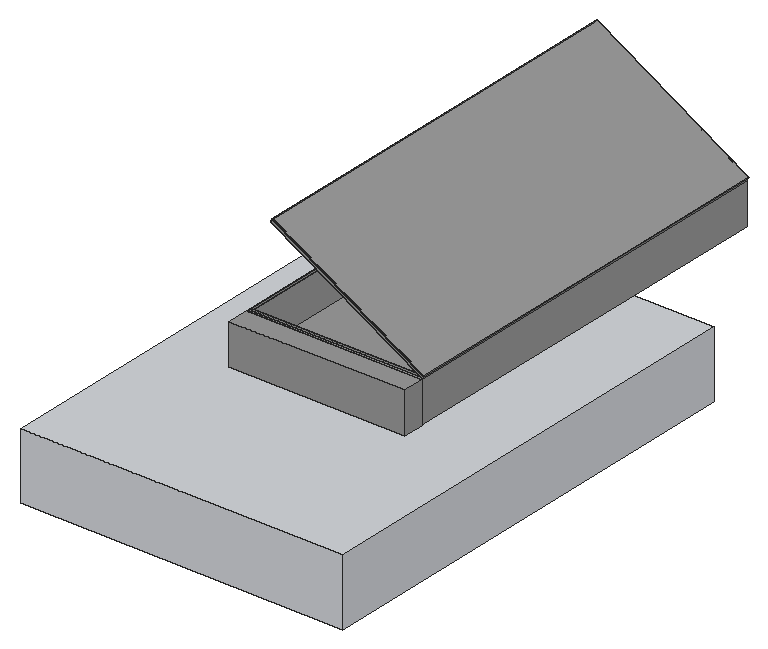
Revit family "Hager-Univers-IP44-D205-H1950-Cl.II-Encl-CH-fr", category Equipement électrique, Revit 2020
Family settings
  Hôte = Face
  Configuration du panneau = Deux colonnes, circuits au sein
  Cote de connecteur circulaire = Utiliser le diamètre
  Type d'élément = Tableau de raccordement
  Couper avec des vides une fois chargée = Non
  Partagée = Non
  Point de calcul de pièce = Non
Parameters (values of type "installation au sol IP44 L800 H1950 P205  - FP23SN2")
  Width Control [instance] = if([EF000008 - largeur] > Min Width, [EF000008 - largeur], Min Width)  # 800 mm
  Commentaires du type = [HG000003 - Gamme]  # "Univers"
  Thickness Door [instance] = if([EF009171 - épaisseur de matériau de la porte/du couvercle] > 3 mm, 3 mm, [EF009171 - épaisseur de matériau de la porte/du couvercle])  # 1 mm
  Seal Frame Offset [instance] = 17 mm  # constant formula
  Plinth Visibility [instance] = [HG000027 - Hauteur du socle] > 0 mm  # yes
  Model = ""
  Min Width [instance] = 100 mm  # constant formula
  Min Height [instance] = 100 mm  # constant formula
  Min Depth [instance] = (2 * [EF009170 - épaisseur de matériau du boîtier]) + 1 mm  # 3 mm
  Internal Frame Depth [instance] = (Door System Depth * 0.5)  # 9 mm
  Height Control [instance] = if([EF000040 - hauteur] > Min Height, [EF000040 - hauteur], Min Height)  # 1950 mm
  HG000027 - Hauteur du socle = 100 mm
  HG000026 - Installation au sol = yes
  HG000024 - Hauteur de la section basse = 800 mm
  HG000023 - Armoire double section = no
  HG000016 - Visibilité de la porte 3D [instance] = yes
  HG000015 - Visibilité de l'emprise de la porte [instance] = no
  HG000014 - Porte à droite [instance] = yes
  HG000013 - Porte à gauche [instance] = not([HG000014 - Porte à droite])  # no
  HG000012 - Angle de pivotement de la porte [instance] = 30.00°
  HG000010 - Portes asymétriques = no
  HG000009 - Porte à double battant = no
  HG000006 - Encastré = no
  HG000004 - Référence fabricant = "FP23SN2"
  HG000003 - Gamme = "Univers"
  HG000002 - avec porte = yes
  Frame Offset Bottom [instance] = 10 mm  # constant formula
  Frame Offset [instance] = 15 mm  # constant formula
  EF015940 - couvercle avec décharge de pression = no
  EF011959 - degré de protection (NEMA) = ""
  EF009554 - nombre d'ouvertures pour plaques à bride = 6
  Fabricant = "Hager"  # constant formula
  EF009212 - finition du couvercle = "EV000116 - fermé"
  EF009171 - épaisseur de matériau de la porte/du couvercle = 1 mm
  EF009170 - épaisseur de matériau du boîtier = 1 mm
  EF008873 - courant nominal (In) = 400 A
  EF007800 - adapté à un parafoudre = no
  EF006306 - avec serrure = no
  EF006244 - couvercle/porte transparent(e) = no
  EF005474 - indice de protection (IP) = "EV006418 - IP44"
  EF004464 - type de porte = "EV002646 - unique"
  EF004427 - nombre de modules = 432
  EF004293 - indice de protection contre les chocs (IK) = "EV006815 - IK09"
  EF003532 - convient pour utilisation à l’extérieur = no
  EF002950 - largeur en nombre de modules = 36
  EF001613 - maintien de fonction = "EV000494 - sans"
  EF001596 - matériau du boîtier/corps = "EV000179 - acier"
  EF001131 - profondeur intérieure = 143 mm
  EF001088 - possibilité de montage en saillie = yes
  EF000437 - nombre d'entrées de conduit = 6
  EF000339 - type de capot = "EV001012 - couvercle"
  EF000266 - nombre de rangées = 12
  EF000218 - profondeur d'encastrement = 0 mm
  EF000118 - avec cadre/support de montage = no
  EF000116 - numéro RAL = "9010"
  EF000049 - profondeur = 205 mm
  EF000040 - hauteur = 1950 mm
  EF000008 - largeur = 800 mm
  EF000007 - couleur = "EV000202 - blanc"
  EF000003 - mode de pose = "EV012274 - installation au sol"
  Door System Leaf Tolerance [instance] = 1.5 mm  # constant formula
  Door System Depth [instance] = 18 mm  # constant formula
  Door Height [instance] = Height Control - [HG000027 - Hauteur du socle]  # 1850 mm
  Depth Control [instance] = if([EF000049 - profondeur] > Min Depth, [EF000049 - profondeur], Min Depth)  # 205 mm
  Default Elevation = 0 mm
  Connector Offset [instance] = Height Control / 2  # 975 mm
  Bottom Top Plate Trim [instance] = 1.5 mm  # constant formula
  Plinth height Ctrl [instance] = if([HG000027 - Hauteur du socle] > 0 mm, [HG000027 - Hauteur du socle], 12 mm)  # 100 mm
Types (5, lengths in mm): name | Width Control | HG000010 - Portes asymétriques | HG000009 - Porte à double battant | HG000004 - Référence fabricant | EF009554 - nombre d'ouvertures pour plaques à bride | EF008873 - courant nominal (In) | EF004464 - type de porte | EF004427 - nombre de modules | EF002950 - largeur en nombre de modules | EF000437 - nombre d'entrées de conduit | EF000008 - largeur
  installation au sol IP44 L1050 H1950 P205  - FP24SN2 | 1050 | no | yes | "FP24SN2" | 8 | 400 A | "EV003602 - double" | 576 | 48 | 8 | 1050
  installation au sol IP44 L1300 H1950 P205  - FP25SN2 | 1300 | yes | yes | "FP25SN2" | 10 | 400 A | "EV003602 - double" | 720 | 60 | 10 | 1300
  installation au sol IP44 L300 H1950 P205  - FP21SN2 | 300 | no | no | "FP21SN2" | 2 | 250 A | "EV002646 - unique" | 144 | 12 | 2 | 300
  installation au sol IP44 L550 H1950 P205  - FP22SN2 | 550 | no | no | "FP22SN2" | 4 | 400 A | "EV002646 - unique" | 288 | 24 | 4 | 550
  installation au sol IP44 L800 H1950 P205  - FP23SN2 | 800 | no | no | "FP23SN2" | 6 | 400 A | "EV002646 - unique" | 432 | 36 | 6 | 800
Reference planes
  plane 1 "Center (Front/Back)": y = 0
  plane 2: z = 0
  plane 3 "Center (Left/Right)": x = 0
  plane 4: z = 205
  plane 5: y = 101
  plane 6: y = 1025
  plane 7: y = 100
  plane 8: y = 1950
  plane 9: z = 0
  plane 10: x = -385
  plane 11: x = 385
  plane 12: x = 384
  plane 13: x = -384
  plane 14: y = 1949
  plane 15: x = -383
  plane 16: x = -400
  plane 17: x = 383
  plane 18: x = 400
  plane 19: x = 399
  plane 20: x = -399
  plane 21: y = 111
  plane 22: y = 1950
  plane 23: y = 1934
  plane 24: z = 187
  plane 25: z = 1
  plane 26: z = 186
  plane 27: z = 204
Forms (mm)
  Extrusion 1, solid
    sketch origin (0, 0, 0) x (1, 0, 0) y (0, 1, 0)
      loop
        line (-702.964, 1305) -> (-702.964, -811.445) -> (766.763, -811.445) -> (766.763, 1305) -> (-702.964, 1305)
    from 0 to -304.8
  Extrusion 2, solid, material "Hager_Steel_RAL7035_Light_Grey", visible <- "Plinth Visibility", detail levels medium+fine
    sketch origin (0, 0, 0) x (1, 0, 0) y (0, 1, 0)
      loop
        line (-400, 0) -> (400, 0) -> (400, 100) -> (-400, 100) -> (-400, 0)
    from 0 to 187
  Extrusion 3, solid, material "Hager_Steel_RAL7035_Light_Grey", detail levels medium+fine
    sketch origin (0, 0, 0) x (1, 0, 0) y (0, 1, 0)
      loop
        line (-400, 100) -> (400, 100) -> (400, 1950) -> (-400, 1950) -> (-400, 100)
    from 0 to 187
  Extrusion 4, void
    sketch origin (0, 0, 0) x (1, 0, 0) y (0, 1, 0)
      loop
        line (-399, 101) -> (399, 101) -> (399, 1949) -> (-399, 1949) -> (-399, 101)
    from 1 to 186
  Extrusion 5, void
    sketch origin (-381.607, -4572, 187) x (0, -1, 0) y (-1, 0, 0)
      loop
        line (-4683, 2.393) -> (-6506, 2.393) -> (-6506, -765.607) -> (-4683, -765.607) -> (-4683, 2.393)
    from 0 to 1 <- "EF009170 - épaisseur de matériau du boîtier"
  Extrusion 6, solid, material "Hager_Steel_RAL7035_Light_Grey", detail levels fine
    sketch origin (0, 0, 187) x (1, 0, 0) y (0, 1, 0)
      loop
        line (-384, 1934) -> (-384, 111) -> (384, 111) -> (384, 1934) -> (-384, 1934)
      loop
        line (-385, 110) -> (385, 110) -> (385, 1935) -> (-385, 1935) -> (-385, 110)
    from 0 to 9 <- "Internal Frame Depth"
  Extrusion 7, solid, material "Hager_Steel_RAL7035_Light_Grey", detail levels coarse
    sketch origin (0, 0, 0) x (1, 0, 0) y (0, 1, 0)
      loop
        line (-400, 0) -> (400, 0) -> (400, 1950) -> (-400, 1950) -> (-400, 0)
    from 0 to 205
  Sweep 8, void
    path in 3D
      loop
        line (-400, 100, 0) -> (400, 100, 0) -> (400, 100, 187) -> (-400, 100, 187) -> (-400, 100, 0)
    profile origin (-400, 100, 93.5) x (-1, 0, 0) y (0, -1, 0)
      loop
        line (0, 0) -> (0, 1.5) -> (-1.5, 1.5)
        arc (-1.5, 1.5) -> (-1.061, 0.439) -> (0, 0) r 1.5
Cuts and joins
  Extrusion 4, Extrusion 5 cuts Extrusion 3
  Sweep 8 cuts Extrusion 2
Lines and regions (mm)
  Masking region 1
    outline origin (0, 0, 0) x (1, 0, 0) y (0, 0, 1)
      loop
        line (-400, 205) -> (-400, 0) -> (400, 0) -> (400, 205) -> (-400, 205)
  Masking region 2, detail levels medium+fine
    outline origin (0, 140, 0) x (0, 1, 0) y (0, 0, 1)
      loop
        line (-40, 0) -> (1810, 0) -> (1810, 187) -> (-40, 187) -> (-40, 0)
  Masking region 3, not visible, detail levels medium+fine
    outline origin (0, 297.922, 0) x (0, 1, 0) y (0, 0, 1)
      loop
        line (738.578, 0) -> (778.578, 0) -> (778.578, 194)
        arc (778.578, 194) -> (775.649, 201.071) -> (768.578, 204) r 10
        line (768.578, 204) -> (738.578, 204) -> (738.578, 0)
  Masking region 4, detail levels coarse
    outline origin (0, 0, 180) x (0, 1, 0) y (0, 0, 1)
      loop
        line (0, -180) -> (1950, -180) -> (1950, 25) -> (0, 25) -> (0, -180)
  Masking region 5, visible <- "Plinth Visibility", detail levels medium+fine
    outline origin (0, 52.24, 12.345) x (0, 0, -1) y (0, 1, 0)
      loop
        line (10.845, 47.76) -> (-173.155, 47.76)
        arc (-173.155, 47.76) -> (-173.594, 46.699) -> (-174.655, 46.26) r 1.5
        line (-174.655, 46.26) -> (-174.655, -52.24) -> (12.345, -52.24) -> (12.345, 46.26)
        arc (12.345, 46.26) -> (11.285, 46.699) -> (10.845, 47.76) r 1.5
  Masking region 6, detail levels medium+fine
    outline origin (-381.607, -4572, 187) x (-1, 0, 0) y (0, -1, 0)
      loop
        line (18.393, -6522) -> (18.393, -4672) -> (-781.607, -4672) -> (-781.607, -6522) -> (18.393, -6522)
  Masking region 7, visible <- "Plinth Visibility", detail levels medium+fine
    outline origin (-381.607, -4727, 187) x (-1, 0, 0) y (0, -1, 0)
      loop
        arc (16.893, -4827) -> (17.332, -4825.939) -> (18.393, -4825.5) r 1.5
        line (18.393, -4825.5) -> (18.393, -4727) -> (-781.607, -4727) -> (-781.607, -4825.5)
        arc (-781.607, -4825.5) -> (-780.546, -4825.939) -> (-780.107, -4827) r 1.5
        line (-780.107, -4827) -> (16.893, -4827)
  Masking region 8, detail levels coarse
    outline origin (-442.548, -4669.526, 187) x (-1, 0, 0) y (0, -1, 0)
      loop
        line (-42.548, -6619.526) -> (-42.548, -4669.526) -> (-842.548, -4669.526) -> (-842.548, -6619.526) -> (-42.548, -6619.526)
  sketch lines
    curve 1: line (-400, 100, 187) -> (-400, 100, 0)
    curve 2: line (400, 100, 187) -> (-400, 100, 187)
    curve 3: line (400, 100, 187) -> (400, 100, 0)
    curve 4: line (-400, 100, 0) -> (400, 100, 0)
Dimensions and locks
  "Depth Control": plane 4 to Extrusion 1
  "HG000027 - Hauteur du socle": plane 1 "Center (Front/Back)" to plane 7
  "EF009170 - épaisseur de matériau du boîtier": plane 5 to plane 7
  locked: connector elem to plane 3 "Center (Left/Right)"
  equal spacing: plane 8, plane 6, plane 7
  locked: connector elem to plane 6
  "EF009170 - épaisseur de matériau du boîtier": plane 8 to plane 14
  "EF009170 - épaisseur de matériau du boîtier": plane 10 to plane 13
  "EF009170 - épaisseur de matériau du boîtier": plane 12 to plane 11
  "Frame Offset": plane 20 to plane 13
  "Frame Offset": plane 12 to plane 19
  "EF009170 - épaisseur de matériau du boîtier": plane 16 to plane 20
  "EF009170 - épaisseur de matériau du boîtier": plane 19 to plane 18
  "Seal Frame Offset": plane 16 to plane 15
  "Seal Frame Offset": plane 17 to plane 18
  "Frame Offset Bottom": plane 21 to plane 5
  "Frame Offset": plane 14 to plane 23
  equal spacing: plane 16, plane 3 "Center (Left/Right)", plane 18
  "Width Control": plane 16 to plane 18
  "EF009170 - épaisseur de matériau du boîtier": plane 4 to plane 27
  "EF009170 - épaisseur de matériau du boîtier": plane 24 to plane 26
  "EF009170 - épaisseur de matériau du boîtier": plane 25 to level
  "Door System Depth": plane 4 to plane 24
  "Height Control": plane 1 "Center (Front/Back)" to Extrusion 7 sketch curve
  "Height Control": Masking region 4 sketch curve to plane 1 "Center (Front/Back)"
  "Height Control": plane 1 "Center (Front/Back)" to plane 22
  "Bottom Top Plate Trim": profile plane to Sweep 8 sketch curve
  "Bottom Top Plate Trim": Sweep 8 sketch curve to profile plane
  "Plinth height Ctrl": plane 1 "Center (Front/Back)" to Extrusion 2 sketch curve
  "Plinth height Ctrl": Masking region 5 sketch curve to plane 1 "Center (Front/Back)"
  "Plinth height Ctrl": plane 1 "Center (Front/Back)" to Masking region 7 sketch curve
  "Thickness Door": Extrusion 6 sketch curve to Extrusion 6 sketch curve  (x3)
  "Thickness Door": cut or joined group of Extrusion 3, Extrusion 4, Extrusion 5 to Extrusion 6 sketch curve
  radius of Masking region 3 sketch curve = 10 mm
  "Bottom Top Plate Trim": radius of Masking region 5 sketch curve  (x2)
  "Bottom Top Plate Trim": radius of Sweep 8 sketch curve
  "Bottom Top Plate Trim": radius of Masking region 7 sketch curve  (x2)
  aligned and locked: plane 2 to Extrusion 1
  aligned and locked: level to Extrusion 1
  aligned and locked: level to Masking region 1 sketch curve
  aligned and locked: Masking region 1 sketch curve to plane 18
  aligned and locked: Masking region 1 sketch curve to plane 16
  aligned and locked: plane 7 to Masking region 2 sketch curve
  aligned and locked: level to Masking region 3 sketch curve
  aligned and locked: Masking region 3 sketch curve to plane 27
  aligned and locked: level to Masking region 2 sketch curve
  aligned and locked: plane 1 "Center (Front/Back)" to Extrusion 2 sketch curve
  aligned and locked: Extrusion 3 sketch curve to plane 7
  aligned and locked: plane 16 to Extrusion 3 sketch curve
  aligned and locked: plane 18 to Extrusion 3 sketch curve
  aligned and locked: plane 20 to Extrusion 4 sketch curve
  aligned and locked: plane 19 to Extrusion 4 sketch curve
  aligned and locked: Extrusion 4 sketch curve to plane 5
  aligned and locked: Extrusion 4 to plane 25
  aligned and locked: plane 26 to Extrusion 4
  aligned and locked: plane 24 to Extrusion 3
  aligned and locked: Extrusion 5 sketch curve to plane 21
  aligned and locked: Extrusion 5 sketch curve to plane 13
  aligned and locked: Extrusion 5 sketch curve to plane 12
  aligned and locked: plane 18 to Extrusion 7 sketch curve
  aligned and locked: plane 1 "Center (Front/Back)" to Extrusion 7 sketch curve
  aligned and locked: plane 16 to Extrusion 7 sketch curve
  aligned and locked: plane 4 to Extrusion 7
  aligned and locked: Extrusion 7 to level
  aligned and locked: level to Masking region 4 sketch curve
  aligned and locked: Masking region 4 sketch curve to plane 1 "Center (Front/Back)"
  aligned and locked: Masking region 4 sketch curve to plane 4
  aligned and locked: nested 1 to level
  aligned and locked: nested 1 to plane 16
  aligned and locked: plane 8 to Extrusion 3 sketch curve
  aligned and locked: plane 23 to Extrusion 5 sketch curve
  aligned and locked: plane 14 to Extrusion 4 sketch curve
  aligned and locked: Masking region 2 sketch curve to plane 8
  aligned and locked: level to Masking region 5 sketch curve
  aligned and locked: plane 16 to Extrusion 2 sketch curve
  aligned and locked: plane 18 to Extrusion 2 sketch curve
  aligned and locked: Masking region 5 sketch curve to plane 24
  aligned and locked: Masking region 2 sketch curve to plane 24
  aligned and locked: plane 24 to Extrusion 2
  aligned and locked: profile plane to Sweep 8 sketch curve  (x2)
  aligned and locked: Masking region 6 sketch curve to plane 18
  aligned and locked: Masking region 6 sketch curve to plane 22
  aligned and locked: Masking region 6 sketch curve to plane 16
  aligned and locked: plane 8 to plane 22
  aligned and locked: Masking region 6 sketch curve to plane 7
  aligned and locked: Masking region 7 sketch curve to plane 16
  aligned and locked: Masking region 7 sketch curve to plane 1 "Center (Front/Back)"
  aligned and locked: Masking region 7 sketch curve to plane 18
  aligned and locked: Masking region 8 sketch curve to plane 1 "Center (Front/Back)"
  aligned and locked: Masking region 8 sketch curve to plane 18
  aligned and locked: Masking region 8 sketch curve to plane 22
  aligned and locked: Masking region 8 sketch curve to plane 16
  aligned and locked: nested 2 to plane 7
  aligned and locked: plane 3 "Center (Left/Right)" to nested 2
  aligned and locked: nested 2 to plane 24
  aligned and locked: Extrusion 6 sketch curve to cut or joined group of Extrusion 3, Extrusion 4, Extrusion 5  (x4)
Automatic sketch dimensions
  Extrusion 1 sketch curve to Extrusion 1 sketch curve = 1469.727 mm
  Extrusion 1 sketch curve to Extrusion 1 sketch curve = 2116.445 mm
  Masking region 1 sketch curve to plane 4 = 0 mm
  plane 6 to Masking region 3 sketch curve = 11.5 mm
  Masking region 3 sketch curve to Masking region 3 sketch curve = 30 mm
  Masking region 5 sketch curve to plane 1 "Center (Front/Back)" = 0 mm
Nested families
  nested 1: "Hager_Enclosure_Symbol" at (-400, 0, 0) x (1, 0, 0) z (0, -1, 0), Height <- "Depth Control", Width <- "Width Control", type "Hager_Enclosure_Symbol"
    with Width_Ctrl 800 mm, Width 800 mm, Height_Ctrl 205 mm, Height 205 mm, A_Width_Int 13.453 mm, A_Width 161.438 mm, A_Height_Ctrl 179.375 mm, A_Height 179.375 mm
  nested 2: "EC000058_Univers_Door" at (0, 100, 187) x (1, 0, 0) z (0, 1, 0), Leaf_Tolerance <- "Door System Leaf Tolerance", Angle <- "HG000012 - Angle de pivotement de la porte", Door_Depth <- "Door System Depth", Door_Left <- "HG000013 - Porte à gauche", Transparent <- "EF006244 - couvercle/porte transparent(e)", Assymetrical <- "HG000010 - Portes asymétriques", Width <- "Width Control", Clearance <- "HG000015 - Visibilité de l'emprise de la porte", Double <- "HG000009 - Porte à double battant", 3d_Door <- "HG000016 - Visibilité de la porte 3D", Lock_Visibility <- "EF006306 - avec serrure", Width_Ctrl <- "Width Control", Door_Right <- "HG000014 - Porte à droite", Door <- "HG000002 - avec porte", Height <- "Door Height", Thickness <- "Thickness Door", type "EC000058_Univers_Door", detail levels medium+fine
    with min_wh 3 mm, Width_Ctrl 800 mm, Width 800 mm, Transparent no, Thickness 1 mm, Seal_Material Hager_Rubber, Lock_Visibility no, Lock_Material Hager_Plastic_RAL9005_Jet_Black, Leaf_Width 800 mm, Leaf_Tolerance_External_Sides 0 mm, Leaf_Tolerance 1.5 mm, Leaf_Offset 0 mm, Leaf_Height 1847 mm, Leaf_2_Width 800 mm, Leaf_2_Offset 400 mm, Leaf_1_Width 800 mm, Leaf_1_Offset 400 mm, Height_Ctrl 1850 mm, Height 1850 mm, Glass_Material Hager_Glass, Double_Clearance_Ctrl no, Double no, Door_Right_Ctrl yes, Door_Right yes, Door_Material Hager_Steel_RAL7035_Light_Grey, Door_Left_Ctrl no, Door_Left no, Door_Depth 18 mm, Door yes, Clearance_Material Hager_Clearance, Clearance_Depth 800 mm, Clearance_Ctrl no, Clearance no, Assymetrical no, Angle 30.00°, 3d_Door yes
Connectors
  electrical at (0, 1025, 0)
    settings: on plane 9, index 1, voltage 0 V, apparent load 0 VA, apparent load phase1 0 VA, apparent load phase2 0 VA, apparent load phase3 0 VA, power factor 1, load classification "Other", number of poles 1, system type 30, power factor state 1, is connector primary yes, connector utility no, sub classification motor no, connector description ""
Definition of nested family "EC000058_Univers_Door"
  Parameters (values of type "EC000058_Univers_Door")
    min_wh [instance] = (2 * Thickness) + 1 mm  # 11 mm
    Width_Ctrl [instance] = 400 mm
    Width [instance] = 500 mm
    Transparent [instance] = yes
    Thickness [instance] = 5 mm
    Seal_Material [instance] = none
    Lock_Visibility [instance] = yes
    Lock_Material [instance] = none
    Leaf_Width [instance] = if((Width_Ctrl - 2 * Leaf_Tolerance_External_Sides) > 0 mm, (Width_Ctrl - 2 * Leaf_Tolerance_External_Sides), min_wh)  # 400 mm
    Leaf_Tolerance_External_Sides [instance] = 0 mm  # constant formula
    Leaf_Tolerance [instance] = 1.5 mm
    Leaf_Offset [instance] = 0 mm  # constant formula
    Leaf_Height [instance] = if((Height_Ctrl - 2 * Leaf_Tolerance) > 0 mm, (Height_Ctrl - 2 * Leaf_Tolerance), min_wh)  # 497 mm
    Leaf_2_Width [instance] = if(and(and(Double, Assymetrical), Door_Left), (Leaf_Width / 3) - (Leaf_Tolerance / 2), if(and(and(Double, Assymetrical), Door_Right), (Leaf_Width / 3) * 2 - (Leaf_Tolerance / 2), if(and(Double, not(Assymetrical)), (Leaf_Width / 2) - Leaf_Tolerance, Leaf_Width)))  # 400 mm
    Leaf_2_Offset [instance] = if(and(Double, Assymetrical), Leaf_2_Width / 2, if(and(Double, not(Assymetrical)), Leaf_Width / 4, Leaf_Width / 2))  # 200 mm
    Leaf_1_Width [instance] = if(and(and(Double, Assymetrical), Door_Right), (Leaf_Width / 3) - (Leaf_Tolerance / 2), if(and(and(Double, Assymetrical), Door_Left), (Width / 3) * 2 - (Leaf_Tolerance / 2), if(and(Double, not(Assymetrical)), (Leaf_Width / 2) - Leaf_Tolerance, Leaf_Width)))  # 400 mm
    Leaf_1_Offset [instance] = if(and(Double, Assymetrical), Leaf_1_Width / 2, if(and(Double, not(Assymetrical)), Leaf_Width / 4, Leaf_Width / 2))  # 200 mm
    Height_Ctrl [instance] = if(Height > min_wh, Height, min_wh)  # 500 mm
    Height [instance] = 500 mm
    Glass_Material [instance] = none
    Double_Clearance_Ctrl [instance] = and(Double, Clearance)  # no
    Double [instance] = no
    Door_Right_Ctrl [instance] = and(or(Door_Right, Double), Door)  # yes
    Door_Right [instance] = yes
    Door_Material [instance] = none
    Door_Left_Ctrl [instance] = and(or(Door_Left, Double), Door)  # no
    Door_Left [instance] = no
    Door_Depth [instance] = 30 mm
    Door [instance] = yes
    Default Elevation = 1219.2 mm
    Clearance_Material [instance] = none
    Clearance_Depth [instance] = if(Leaf_1_Width > Leaf_2_Width, Leaf_1_Width, Leaf_2_Width)  # 400 mm
    Clearance_Ctrl [instance] = and(not(Double), Clearance)  # yes
    Clearance [instance] = yes
    Assymetrical [instance] = yes
    Angle [instance] = 30.00°
    3d_Door [instance] = yes
  Reference planes
    plane 1 "Center (Front/Back)": y = 0
    plane 2 "Bottom": z = 0
    plane 3 "Center (Left/Right)": x = 0
    plane 4: z = 500
    plane 5: x = -200
    plane 6: x = 200
    plane 7: z = 500
    plane 8: x = -200
    plane 9: z = 0
    plane 10: x = 200
    plane 11: y = 0
    plane 12: z = 1.5
    plane 13: x = -600
    plane 14: y = -400
    plane 15: x = 600
    plane 16: x = 0
    plane 17: x = 0
    plane 18: x = -200
    plane 19: x = 200
    plane 20: z = 498.5
  Forms (mm)
    Extrusion 1, solid, material <- "Clearance_Material", visible <- "Double_Clearance_Ctrl"
      sketch origin (1200, 0, 0) x (1, 0, 0) y (0, 0, -1)
        loop
          line (-1800, -498.5) -> (-600, -498.5) -> (-600, 0) -> (-1800, 0) -> (-1800, -498.5)
      from 0 to -400
  Dimensions and locks
    equal spacing: plane 5, plane 3 "Center (Left/Right)", plane 6
    "Width_Ctrl": plane 5 to plane 6
    "Leaf_Offset": plane 5 to plane 8
    "Leaf_Offset": plane 6 to plane 10
    "Leaf_Offset": plane 9 to level
    "Leaf_Offset": plane 4 to plane 7
    "Height_Ctrl": plane 4 to level
    "Leaf_Tolerance": plane 12 to plane 9
    locked: plane 11 to plane 1 "Center (Front/Back)"
    "Leaf_1_Offset": plane 18 to plane 16
    "Leaf_2_Offset": plane 17 to plane 19
    "Leaf_1_Width": plane 13 to plane 8
    "Leaf_2_Width": plane 10 to plane 15
    "Clearance_Depth": plane 14 to plane 1 "Center (Front/Back)"
    "Leaf_Tolerance_External_Sides": plane 8 to plane 18
    "Leaf_Tolerance_External_Sides": plane 19 to plane 10
    "Leaf_Tolerance": plane 7 to plane 20
    aligned and locked: level to plane 2 "Bottom"
    aligned and locked: nested 1 to plane 16
    aligned and locked: nested 2 to plane 17
    aligned and locked: Extrusion 1 to plane 13
    aligned and locked: plane 15 to Extrusion 1
    aligned and locked: Extrusion 1 to plane 14
    aligned and locked: plane 12 to nested 1
    aligned and locked: nested 2 to plane 12
    aligned and locked: Extrusion 1 to plane 11
    aligned and locked: plane 20 to Extrusion 1
    aligned and locked: nested 2 to plane 11
    aligned and locked: nested 1 to plane 11
  Automatic sketch dimensions
    Extrusion 1 sketch curve to level = 0 mm
    plane 5 to Extrusion 1 sketch curve = 400 mm
    plane 6 to Extrusion 1 sketch curve = 400 mm
    Extrusion 1 sketch curve to plane 4 = 1.5 mm
  Nested families
    nested 1: "EC000058_Univers_Door_Leaf" at (0, 0, 1.5), Width <- "Leaf_1_Width", visible <- "Door_Left_Ctrl", Leaf_Height <- "Leaf_Height", Angle <- "Angle", 3d_Door <- "3d_Door", Transparent <- "Transparent", Clearance Material <- "Clearance_Material", Clearance <- "Clearance_Ctrl", Door_Material <- "Door_Material", Glass_Material <- "Glass_Material", Door_Depth <- "Door_Depth", Lock_Material <- "Lock_Material", Seal_Material <- "Seal_Material", Lock_Visibility <- "Lock_Visibility", Thickness <- "Thickness", type "EC000058_Univers_Door_Leaf"
      with Width 400 mm, Transparent_Glass_Offset 30 mm, Transparent_Ctrl yes, Transparent yes, Thickness 5 mm, Standard no, Seal_Material none, Seal_D2 8 mm, Seal_D1 1 mm, Offset_Internal_Frame 10 mm, Lock_Width 20 mm, Lock_Visibility_3d yes, Lock_Visibility yes, Lock_Thickness_3 3 mm, Lock_Thickness_2 1 mm, Lock_Thickness_1 3 mm, Lock_Radius_Offset_2 16 mm, Lock_Radius_Offset_1 15 mm, Lock_Radius_2 5 mm, Lock_Radius 6 mm, Lock_Offset 5 mm, Lock_Material none, Lock_Height 80 mm, Lock_Cover_Top_Offset_2d 17 mm, Lock_Cover_Height -65 mm, Leaf_Height 497 mm, Internal_Seal_Thickness 8 mm, Internal_Seal_Depth_2 4.5 mm, Internal_Frame_Depth 25 mm, Glass_Thickness -1 mm, Glass_Offset -2 mm, Glass_Material none, Door_Material none, Door_Depth 30 mm, Clearance Material none, Clearance yes, Angle_Ctrl 30.00°, Angle 30.00°, 3d_Door yes
    nested 2: "EC000058_Univers_Door_Leaf" at (0, 0, 1.5) x (-1, 0, 0) z (0, 0, 1), Width <- "Leaf_2_Width", visible <- "Door_Right_Ctrl", Leaf_Height <- "Leaf_Height", Angle <- "Angle", 3d_Door <- "3d_Door", Transparent <- "Transparent", Clearance Material <- "Clearance_Material", Clearance <- "Clearance_Ctrl", Door_Material <- "Door_Material", Glass_Material <- "Glass_Material", Door_Depth <- "Door_Depth", Lock_Material <- "Lock_Material", Seal_Material <- "Seal_Material", Lock_Visibility <- "Lock_Visibility", Thickness <- "Thickness", type "EC000058_Univers_Door_Leaf"
      with Width 400 mm, Transparent_Glass_Offset 30 mm, Transparent_Ctrl yes, Transparent yes, Thickness 5 mm, Standard no, Seal_Material none, Seal_D2 8 mm, Seal_D1 1 mm, Offset_Internal_Frame 10 mm, Lock_Width 20 mm, Lock_Visibility_3d yes, Lock_Visibility yes, Lock_Thickness_3 3 mm, Lock_Thickness_2 1 mm, Lock_Thickness_1 3 mm, Lock_Radius_Offset_2 16 mm, Lock_Radius_Offset_1 15 mm, Lock_Radius_2 5 mm, Lock_Radius 6 mm, Lock_Offset 5 mm, Lock_Material none, Lock_Height 80 mm, Lock_Cover_Top_Offset_2d 17 mm, Lock_Cover_Height -65 mm, Leaf_Height 497 mm, Internal_Seal_Thickness 8 mm, Internal_Seal_Depth_2 4.5 mm, Internal_Frame_Depth 25 mm, Glass_Thickness -1 mm, Glass_Offset -2 mm, Glass_Material none, Door_Material none, Door_Depth 30 mm, Clearance Material none, Clearance yes, Angle_Ctrl 30.00°, Angle 30.00°, 3d_Door yes
  Definition of nested family "EC000058_Univers_Door_Leaf"
    Parameters (values of type "EC000058_Univers_Door_Leaf")
      Width [instance] = 2000 mm
      Transparent_Glass_Offset [instance] = 30 mm
      Transparent_Ctrl [instance] = and(Transparent, [3d_Door])  # yes
      Transparent [instance] = yes
      Thickness [instance] = 5 mm
      Standard [instance] = and(not(Transparent), [3d_Door])  # no
      Seal_Material [instance] = none
      Seal_D2 [instance] = 8 mm  # constant formula
      Seal_D1 [instance] = 1 mm  # constant formula
      Offset_Internal_Frame [instance] = 10 mm  # constant formula
      Lock_Width [instance] = 20 mm  # constant formula
      Lock_Visibility_3d [instance] = and(Lock_Visibility, [3d_Door])  # yes
      Lock_Visibility [instance] = yes
      Lock_Thickness_3 [instance] = 3 mm  # constant formula
      Lock_Thickness_2 [instance] = 1 mm  # constant formula
      Lock_Thickness_1 [instance] = 3 mm  # constant formula
      Lock_Radius_Offset_2 [instance] = Lock_Radius_Offset_1 + 1 mm  # 16 mm
      Lock_Radius_Offset_1 [instance] = 15 mm  # constant formula
      Lock_Radius_2 [instance] = Lock_Radius - 1 mm  # 5 mm
      Lock_Radius [instance] = 6 mm  # constant formula
      Lock_Offset [instance] = 5 mm  # constant formula
      Lock_Material [instance] = none
      Lock_Height [instance] = 80 mm  # constant formula
      Lock_Cover_Top_Offset_2d [instance] = Lock_Radius_Offset_2 + 1 mm  # 17 mm
      Lock_Cover_Height [instance] = -(Lock_Height - Lock_Radius_Offset_1)  # -65 mm
      Leaf_Height [instance] = 2720.336 mm
      Internal_Seal_Thickness [instance] = 8 mm  # constant formula
      Internal_Seal_Depth_2 [instance] = 4.5 mm  # constant formula
      Internal_Frame_Depth [instance] = if(Door_Depth - Thickness > 5 mm, Door_Depth - Thickness, 5 mm)  # 25 mm
      Glass_Thickness [instance] = if(Thickness > 15 mm, Glass_Offset + 10 mm, -1 mm)  # -1 mm
      Glass_Offset [instance] = if(Thickness > 15 mm, -(Thickness + 10 mm) / 2, -2 mm)  # -2 mm
      Glass_Material [instance] = none
      Door_Material [instance] = none
      Door_Depth [instance] = 30 mm
      Default Elevation = 0 mm
      Clearance Material [instance] = none
      Clearance [instance] = yes
      Angle_Ctrl [instance] = if(Angle > 180.00°, 180.00°, Angle)  # 90.00°
      Angle [instance] = 90.00°
      3d_Door [instance] = yes
    Reference planes
      plane 1 "Center (Front/Back)": y = 0
      plane 2: z = 0
      plane 3 "Center (Left/Right)": x = 0
      plane 4: y = 2000
      plane 5: x = -1000
      plane 6: x = 1000
      plane 7: x = -3000
      plane 8: z = 2720.336
      plane 9: z = 30
      plane 10: z = 2690.336
      plane 11: x = 970
      plane 12: x = -970
      plane 13: y = -3
      plane 14: z = 107.833
      plane 15: y = -5
      plane 16: y = -223.314
      plane 17: x = -1000
      plane 18: z = 1360.168
      plane 19: y = 30
    Forms (mm)
      Extrusion 1, solid, material <- "Clearance Material", visible <- "Clearance"
        sketch origin (0, 0, 0) x (1, 0, 0) y (0, 0, 1)
          loop
            line (-3000, 2720.336) -> (-3000, 0) -> (1000, 0) -> (1000, 2720.336) -> (-3000, 2720.336)
        from 0 to -2000
      Extrusion 2, solid, material <- "Door_Material", visible <- "Standard", detail levels medium+fine
        sketch origin (-1000, 0, 0) x (0, 1, 0) y (-1, 0, 0)
          loop
            line (0, 30) -> (0, 25) -> (2000, 25) -> (2000, 30) -> (0, 30)
        from 0 to 2720.336 <- "Leaf_Height"
      Extrusion 3, solid, material <- "Door_Material", visible <- "Transparent_Ctrl", detail levels medium+fine
        sketch origin (-1000, 0, 0) x (0, 1, 0) y (-1, 0, 0)
          loop
            line (0, 25) -> (2000, 25) -> (2000, 30) -> (0, 30) -> (0, 25)
        from 0 to 2720.336 <- "Leaf_Height"
      Extrusion 4, void
        sketch origin (-1025, 2000, 0) x (0, 1, 0) y (0, 0, -1)
          loop
            line (-30, -2690.336) -> (-30, -30) -> (-1970, -30) -> (-1970, -2690.336) -> (-30, -2690.336)
        from 0 to 5 <- "Thickness"
      Sweep 5, solid, material <- "Seal_Material", visible <- "Transparent_Ctrl", detail levels fine
        path in 3D
          loop
            line (-1025, 30, 30) -> (-1025, 30, 2690.336) -> (-1025, 1970, 2690.336) -> (-1025, 1970, 30) -> (-1025, 30, 30)
        profile origin (-1025, 1000, 30) x (1, 0, 0) y (0, 0, 1)
          loop
            line (0, 0) -> (0, -8) -> (1, -8) -> (1, 0) -> (0, 0)
      Extrusion 6, solid, material <- "Glass_Material", visible <- "Transparent_Ctrl", detail levels medium+fine
        sketch origin (-1030, 0, 0) x (0, 1, 0) y (0, 0, -1)
          loop
            line (1970, -2690.336) -> (1970, -30) -> (30, -30) -> (30, -2690.336) -> (1970, -2690.336)
        from -2 <- "Glass_Offset" to -1 <- "Glass_Thickness"
      Extrusion 7, solid, material <- "Door_Material", visible <- "3d_Door", detail levels medium+fine
        sketch origin (-1025, 2000, 0) x (0, -1, 0) y (0, 0, -1)
          loop
            line (0, -2720.336) -> (2000, -2720.336) -> (2000, 0) -> (0, 0) -> (0, -2720.336)
          loop
            line (1995, -5) -> (5, -5) -> (5, -2715.336) -> (1995, -2715.336) -> (1995, -5)
        from 0 to 25 <- "Internal_Frame_Depth"
      Sweep 8, solid, material <- "Seal_Material", visible <- "Transparent_Ctrl", detail levels fine
        path in 3D
          loop
            line (-1025, 0, 0) -> (-1025, 2000, 0) -> (-1025, 2000, 2720.336) -> (-1025, 0, 2720.336) -> (-1025, 0, 0)
        profile origin (-1025, 0, 1360.168) x (1, 0, 0) y (0, 1, 0)
          loop
            line (0, 10) -> (2.975, 10)
            arc (2.975, 10) -> (4.053, 10.447) -> (4.5, 11.525) r 1.525
            line (4.5, 11.525) -> (4.5, 16.527)
            arc (4.5, 16.527) -> (4.069, 17.569) -> (3.027, 18) r 1.473
            line (3.027, 18) -> (0, 18) -> (0, 10)
      Extrusion 9, solid, material <- "Lock_Material", visible <- "Lock_Visibility_3d", detail levels fine
        sketch origin (-1030, 0, 0) x (0, 1, 0) y (0, 0, -1)
          loop
            arc (1993.5, -1400.168) -> (1994.561, -1399.729) -> (1995, -1398.668) r 1.5
            line (1995, -1398.668) -> (1995, -1320.168) -> (1975, -1320.168) -> (1975, -1398.668)
            arc (1975, -1398.668) -> (1975.439, -1399.729) -> (1976.5, -1400.168) r 1.5
            line (1976.5, -1400.168) -> (1993.5, -1400.168)
        from 3 <- "Lock_Thickness_1" to 0
      Blend 10, solid, material <- "Lock_Material", visible <- "Lock_Visibility_3d", detail levels fine
        base sketch origin (-1033, 0, 0) x (0, 1, 0) y (0, 0, -1)
          loop
            line (1975, -1320.168) -> (1975, -1398.668)
            arc (1975, -1398.668) -> (1975.439, -1399.729) -> (1976.5, -1400.168) r 1.5
            line (1976.5, -1400.168) -> (1993.5, -1400.168)
            arc (1993.5, -1400.168) -> (1994.561, -1399.729) -> (1995, -1398.668) r 1.5
            line (1995, -1398.668) -> (1995, -1320.168) -> (1975, -1320.168)
        top sketch origin (-1033, 0, 0) x (0, 1, 0) y (0, 0, -1)
          loop
            line (1976, -1320.168) -> (1976, -1398.668)
            arc (1976, -1398.668) -> (1976.146, -1399.022) -> (1976.5, -1399.168) r 0.5
            line (1976.5, -1399.168) -> (1993.5, -1399.168)
            arc (1993.5, -1399.168) -> (1993.854, -1399.022) -> (1994, -1398.668) r 0.5
            line (1994, -1398.668) -> (1994, -1320.168) -> (1976, -1320.168)
        from 0 to 1 <- "Lock_Thickness_2"
      Blend 11, solid, material <- "Lock_Material", visible <- "Lock_Visibility_3d", detail levels fine
        base sketch origin (-1034, 0, 0) x (0, 1, 0) y (0, 0, -1)
          loop
            line (1978, -1320.168) -> (1978, -1384.168)
            arc (1978, -1384.168) -> (1985, -1391.168) -> (1992, -1384.168) r 7
            line (1992, -1384.168) -> (1992, -1320.168) -> (1978, -1320.168)
        top sketch origin (-1034, 0, 0) x (0, 1, 0) y (0, 0, -1)
          loop
            line (1991, -1320.168) -> (1979, -1320.168) -> (1979, -1383.168)
            arc (1979, -1383.168) -> (1985, -1389.168) -> (1991, -1383.168) r 6
            line (1991, -1383.168) -> (1991, -1320.168)
        from 0 to 3 <- "Lock_Thickness_3"
      Extrusion 12, solid, material <- "Lock_Material", visible <- "Lock_Visibility_3d", detail levels fine
        sketch origin (-1030, 1975, 1320.168) x (1, 0, 0) y (0, -1, 0)
          loop
            line (-7, -19) -> (-7, -1) -> (0, -1) -> (0, 0) -> (-8, 0) -> (-8, -20) -> (0, -20) -> (0, -19) -> (-7, -19)
        from 0 to -65 <- "Lock_Cover_Height"
      Extrusion 13, void
        sketch origin (-1038, 1995, 1320.168) x (-1, 0, 0) y (0, 0, -1)
          loop
            line (-5, -65) -> (0, -65) -> (-5, -60) -> (-5, -65)
        from 0 to 20 <- "Lock_Width"
      Extrusion 14, void
        sketch origin (-1038, 1975, 1320.168) x (0, -1, 0) y (0, 0, -1)
          loop
            circle (-10, -15.995) r 6
          loop
            circle (-10, -15.995) r 5
        from 0 to 2
      Extrusion 15, solid, material <- "Lock_Material", visible <- "Lock_Visibility_3d", detail levels medium
        sketch origin (-1030, 0, 0) x (0, 1, 0) y (0, 0, -1)
          loop
            arc (1993.5, -1400.168) -> (1994.561, -1399.729) -> (1995, -1398.668) r 1.5
            line (1995, -1398.668) -> (1995, -1320.168) -> (1975, -1320.168) -> (1975, -1398.668)
            arc (1975, -1398.668) -> (1975.439, -1399.729) -> (1976.5, -1400.168) r 1.5
            line (1976.5, -1400.168) -> (1993.5, -1400.168)
        from 8 to 0
    Cuts and joins
      Extrusion 4 cuts Extrusion 3
      Extrusion 13, Extrusion 14 cuts Extrusion 9
      Extrusion 14 cuts Blend 11
      Extrusion 13, Extrusion 14 cuts Extrusion 12
      joined: Extrusion 9, Blend 10, Blend 11, Extrusion 12
      Extrusion 14 cuts Extrusion 15
    Lines and regions (mm)
      Masking region 1, visible <- "Lock_Visibility", detail levels fine
        outline origin (0, 0, 0) x (0, 1, 0) y (0, 0, 1)
          loop
            line (30, 1320.168) -> (33, 1320.168) -> (33, 1400.168) -> (30, 1400.168) -> (30, 1320.168)
      Masking region 2, visible <- "Lock_Visibility", detail levels fine
        outline origin (0, 3.143, 0) x (0, 1, 0) y (0, 0, 1)
          loop
            line (29.857, 1354.168) -> (30.857, 1354.168) -> (30.857, 1366.168) -> (29.857, 1366.168) -> (29.857, 1354.168)
      Masking region 3, detail levels medium+fine
        outline origin (0, 0, 0) x (0, 1, 0) y (0, 0, 1)
          loop
            line (0, 0) -> (30, 0) -> (30, 2720.336) -> (0, 2720.336) -> (0, 0)
      Masking region 4, detail levels medium+fine
        outline origin (0, 0, 0) x (1, 0, 0) y (0, 0, 1)
          loop
            line (-1000, 2720.336) -> (-1000, 0) -> (1000, 0) -> (1000, 2720.336) -> (-1000, 2720.336)
      Masking region 5, visible <- "Lock_Visibility", detail levels fine
        outline origin (-47.116, 0, 0) x (1, 0, 0) y (0, 0, 1)
          loop
            arc (1024.616, 1399.168) -> (1023.556, 1398.729) -> (1023.116, 1397.668) r 1.5
            line (1023.116, 1397.668) -> (1023.116, 1320.168) -> (1041.116, 1320.168) -> (1041.116, 1397.668)
            arc (1041.116, 1397.668) -> (1040.677, 1398.729) -> (1039.616, 1399.168) r 1.5
            line (1039.616, 1399.168) -> (1024.616, 1399.168)
      Masking region 6, visible <- "Lock_Visibility", detail levels medium+fine
        outline origin (-25, 0, 0) x (1, 0, 0) y (0, 0, 1)
          loop
            arc (1001.5, 1400.168) -> (1000.439, 1399.729) -> (1000, 1398.668) r 1.5
            line (1000, 1398.668) -> (1000, 1320.168) -> (1020, 1320.168) -> (1020, 1398.668)
            arc (1020, 1398.668) -> (1019.561, 1399.729) -> (1018.5, 1400.168) r 1.5
            line (1018.5, 1400.168) -> (1001.5, 1400.168)
      Masking region 7, visible <- "Lock_Visibility", detail levels fine
        outline origin (-73.735, 0, 0) x (1, 0, 0) y (0, 0, 1)
          loop
            line (1051.735, 1382.168) -> (1065.735, 1382.168) -> (1065.735, 1384.168)
            arc (1065.735, 1384.168) -> (1058.735, 1391.168) -> (1051.735, 1384.168) r 7
            line (1051.735, 1384.168) -> (1051.735, 1382.168)
      Masking region 8, visible <- "Lock_Visibility", detail levels fine
        outline origin (-73.735, 0, 0) x (1, 0, 0) y (0, 0, 1)
          loop
            line (1052.735, 1382.168) -> (1064.735, 1382.168) -> (1064.735, 1383.168)
            arc (1064.735, 1383.168) -> (1058.735, 1389.168) -> (1052.735, 1383.168) r 6
            line (1052.735, 1383.168) -> (1052.735, 1382.168)
      Masking region 9, visible <- "Lock_Visibility", detail levels fine
        outline origin (-25, 0, 0) x (1, 0, 0) y (0, 0, 1)
          loop
            line (1020, 1320.168) -> (1020, 1382.168) -> (1000, 1382.168) -> (1000, 1320.168) -> (1020, 1320.168)
      Masking region 10, detail levels medium+fine
        outline origin (0, 0, 0) x (1, 0, 0) y (0, 0, 1)
          loop
            circle (985, 1335.144) r 6
      Masking region 11, detail levels fine
        outline origin (0, 0, 0) x (1, 0, 0) y (0, 0, 1)
          loop
            circle (985, 1335.144) r 5
      Masking region 12, visible <- "Lock_Visibility", detail levels fine
        outline origin (0, 12.767, 0) x (0, 1, 0) y (0, 0, 1)
          loop
            line (20.233, 1320.168) -> (21.233, 1320.168) -> (21.233, 1399.168) -> (20.233, 1400.168) -> (20.233, 1320.168)
      Masking region 13, visible <- "Lock_Visibility", detail levels fine
        outline origin (0, 13.767, -10) x (0, 1, 0) y (0, 0, 1)
          loop
            line (20.233, 1330.168) -> (23.233, 1330.168) -> (23.233, 1399.168) -> (20.233, 1402.168) -> (20.233, 1330.168)
      Masking region 14, visible <- "Lock_Visibility", detail levels fine
        outline origin (0, 12.767, -10) x (0, 1, 0) y (0, 0, 1)
          loop
            line (20.233, 1330.168) -> (25.233, 1330.168) -> (25.233, 1399.305) -> (20.233, 1394.305) -> (20.233, 1330.168)
      Masking region 15, visible <- "Lock_Visibility", detail levels medium
        outline origin (0, 0, 0) x (0, 1, 0) y (0, 0, 1)
          loop
            line (30, 1320.168) -> (38, 1320.168) -> (38, 1400.168) -> (30, 1400.168) -> (30, 1320.168)
      Masking region 16, visible <- "Lock_Visibility", detail levels fine
        outline origin (-1000, 0, 0) x (0, 1, 0) y (-1, 0, 0)
          loop
            line (1975, 30) -> (1995, 30) -> (1995, 38) -> (1975, 38) -> (1975, 30)
          loop
            line (1979, 37) -> (1976, 37) -> (1976, 34) -> (1978, 34) -> (1979, 37)
          loop
            line (1994, 37) -> (1991, 37) -> (1992, 34) -> (1994, 34) -> (1994, 37)
      Masking region 17, visible <- "Lock_Visibility", detail levels medium
        outline origin (-1000, 0, 0) x (0, 1, 0) y (-1, 0, 0)
          loop
            line (1975, 30) -> (1995, 30) -> (1995, 38) -> (1975, 38) -> (1975, 30)
      symbolic lines
        curve 1: line (1000, 0, 0) -> (-3000, 0, 0)
        curve 2: arc (1000, 0, 0) -> (-1000, 2000, 0) -> (-3000, 0, 0) r 2000
        curve 4: line (-1030, 0, 0) -> (-1030, 2000, 0)
      reference lines
        curve 3: line (-1000, 0, 0) -> (-1000, 2000, 0)
      symbolic lines, detail levels medium+fine
        curve 5: line (-1030, 2000, 0) -> (-1025, 2000, 0)
        curve 7: line (-1025, 0, 0) -> (-1030, 0, 0)
        curve 8: line (-1025, 0, 0) -> (-1000, 0, 0)
        curve 9: line (-1000, 0, 0) -> (-1000, 2000, 0)
        curve 10: line (-1000, 2000, 0) -> (-1025, 2000, 0)
      symbolic lines, detail levels fine
        curve 6: line (-1025, 2000, 0) -> (-1025, 0, 0)
      sketch lines
        curve 11: line (-1025, 0, 2720.336) -> (-1025, 0, 0)
        curve 12: line (-1025, 2000, 0) -> (-1025, 0, 0)
        curve 13: line (-1025, 2000, 2720.336) -> (-1025, 2000, 0)
        curve 14: line (-1025, 0, 2720.336) -> (-1025, 2000, 2720.336)
        curve 15: line (-1025, 1970, 30) -> (-1025, 30, 30)
        curve 16: line (-1025, 30, 30) -> (-1025, 30, 2690.336)
        curve 17: line (-1025, 1970, 2690.336) -> (-1025, 1970, 30)
        curve 18: line (-1025, 30, 2690.336) -> (-1025, 1970, 2690.336)
      symbolic lines, visible <- "Transparent", detail levels medium+fine
        curve 19: line (-970, 0, 2690.336) -> (970, 0, 2690.336)
        curve 20: line (-970, 0, 30) -> (-970, 0, 2690.336)
        curve 21: line (970, 0, 30) -> (-970, 0, 30)
        curve 22: line (970, 0, 2690.336) -> (970, 0, 30)
    Dimensions and locks
      "Width": plane 1 "Center (Front/Back)" to plane 4
      equal spacing: plane 5, plane 3 "Center (Left/Right)", plane 6
      "Width": plane 5 to plane 6
      "Width": plane 7 to plane 5
      "Leaf_Height": plane 8 to level
      "Width": curve 5 to curve 3
      "Width": curve 3 to curve 3
      plane 8 to plane 10 = 30 mm
      plane 9 to level = 30 mm
      plane 12 to plane 5 = 30 mm
      plane 6 to plane 11 = 30 mm
      Extrusion 1 to Extrusion 4 sketch curve = 30 mm
      "Transparent_Glass_Offset": curve 3 to Extrusion 4 sketch curve
      "Transparent_Glass_Offset": Extrusion 4 sketch curve to cut or joined group of Extrusion 3, Extrusion 4  (x2)
      cut or joined group of Extrusion 3, Extrusion 4 to Extrusion 6 sketch curve = 30 mm
      "Transparent_Glass_Offset": cut or joined group of Extrusion 3, Extrusion 4 to Extrusion 4 sketch curve
      "Thickness": curve 6 to curve 4
      "Thickness": Extrusion 7 sketch curve to Extrusion 7 sketch curve  (x4)
      "Door_Depth": curve 4 to curve 3
      "Offset_Internal_Frame": profile plane to Sweep 8 sketch curve
      "Internal_Seal_Thickness": Sweep 8 sketch curve to Sweep 8 sketch curve
      "Internal_Seal_Depth_2": profile plane to Sweep 8 sketch curve
      "Seal_D1": profile plane to Sweep 5 sketch curve
      "Seal_D2": profile plane to Sweep 5 sketch curve
      "Thickness": Extrusion 2 sketch curve to Extrusion 2 sketch curve
      equal spacing: Extrusion 9 sketch curve, plane 18, Extrusion 9 sketch curve  (x2)
      equal spacing: Masking region 1 sketch curve, plane 18, Masking region 1 sketch curve
      "Lock_Height": Masking region 1 sketch curve to Masking region 1 sketch curve
      "Lock_Radius": Masking region 2 sketch curve to plane 18 to Masking region 2 sketch curve
      Masking region 2 sketch curve to Masking region 1 = 1 mm
      "Door_Depth": plane 19 to plane 1 "Center (Front/Back)"
      "Lock_Thickness_1": Masking region 1 sketch curve to plane 19
      "Lock_Width": Extrusion 9 sketch curve to Extrusion 9 sketch curve
      "Lock_Height": Extrusion 9 sketch curve to Extrusion 9 sketch curve
      "Lock_Offset": cut or joined group of Extrusion 3, Extrusion 4 to Extrusion 9 sketch curve
      equal spacing: plane 8, plane 18, level
      "Lock_Radius_Offset_1": Blend 11 sketch curve to Blend 10
      locked: Blend 10 to Blend 11 sketch curve at 2  (x2)
      locked: var sketch to Blend 11 sketch curve at 1  (x2)
      "Lock_Radius_Offset_2": Blend 11 sketch curve to Blend 10
      locked: Extrusion 12 sketch curve to Extrusion 12 sketch curve at 1  (x3)
      Masking region 6 sketch curve to Masking region 6 sketch curve = 80 mm
      "Lock_Height": Masking region 6 sketch curve to Masking region 6 sketch curve
      "Lock_Width": Masking region 6 sketch curve to Masking region 6 sketch curve
      locked: Masking region 6 to Masking region 5 sketch curve at 1  (x3)
      locked: Masking region 5 to Masking region 7 sketch curve at 2  (x2)
      "Lock_Radius_Offset_1": Masking region 5 to Masking region 7 sketch curve
      "Lock_Radius_Offset_2": Masking region 5 to Masking region 8 sketch curve
      locked: Masking region 7 to Masking region 8 sketch curve at 1  (x2)
      "Lock_Cover_Top_Offset_2d": Masking region 5 to Masking region 9 sketch curve
      equal spacing: Masking region 9, Masking region 10 sketch curve, Masking region 9
      equal spacing: Masking region 9, Masking region 11 sketch curve, Masking region 9
      Extrusion 15 sketch curve to Extrusion 15 sketch curve = 80 mm
      "Lock_Width": Extrusion 15 sketch curve to Extrusion 15 sketch curve
      "Lock_Height": Extrusion 15 sketch curve to Extrusion 15 sketch curve
      equal spacing: Extrusion 15 sketch curve, plane 18, Extrusion 15 sketch curve
      "Lock_Thickness_3": Masking region 13 sketch curve to Masking region 13 sketch curve
      "Lock_Height": Masking region 12 sketch curve to Masking region 12 sketch curve
      locked: Masking region 13 sketch curve to Masking region 1 at 8
      locked: Masking region 14 sketch curve to Masking region 13 at 1
      locked: Masking region 14 sketch curve to Masking region 1 at 10.863
      "Lock_Height": Masking region 15 sketch curve to Masking region 15 sketch curve
      "Lock_Offset": Extrusion 15 sketch curve to cut or joined group of Extrusion 3, Extrusion 4
      "Lock_Offset": plane 6 to Masking region 6 sketch curve
      radius of Sweep 8 sketch curve = 1.525 mm
      radius of Sweep 8 sketch curve = 1.473 mm
      radius of Extrusion 9 sketch curve = 1.5 mm  (x2)
      "Lock_Radius": radius of Extrusion 14 sketch curve
      "Lock_Radius_2": radius of Extrusion 14 sketch curve
      "Lock_Radius": radius of Masking region 10 sketch curve
      "Lock_Radius_2": radius of Masking region 11 sketch curve
      radius of Extrusion 15 sketch curve = 1.5 mm  (x2)
      "Angle_Ctrl": angle plane 1 "Center (Front/Back)" to curve 3
      locked: Masking region 12 sketch curve to Masking region 12 sketch curve (angle 45.00°)
      locked: Masking region 13 sketch curve to Masking region 13 sketch curve (angle 45.00°)
      locked: Masking region 14 sketch curve to Masking region 14 sketch curve (angle 45.00°)
      aligned and locked: level to plane 2
      aligned and locked: Extrusion 1 to curve 1
      aligned and locked: plane 6 to Extrusion 1
      aligned and locked: Extrusion 1 to plane 1 "Center (Front/Back)"
      aligned and locked: plane 4 to Extrusion 1
      aligned and locked: plane 8 to Extrusion 1
      aligned and locked: curve 7 to Extrusion 2 sketch curve
      aligned and locked: curve 5 to Extrusion 2 sketch curve
      aligned and locked: curve 7 to Extrusion 3 sketch curve
      aligned and locked: Extrusion 3 sketch curve to curve 4
      aligned and locked: Extrusion 3 sketch curve to curve 6
      aligned and locked: Extrusion 3 sketch curve to curve 5
      aligned and locked: curve 9 to curve 3
      aligned and locked: Extrusion 7 sketch curve to cut or joined group of Extrusion 3, Extrusion 4  (x4)
      aligned and locked: plane 17 to curve 3
      aligned and locked: plane 1 "Center (Front/Back)" to curve 3
      aligned and locked: plane 17 to plane 5
      aligned and locked: Sweep 8 sketch curve to profile plane
      aligned and locked: Sweep 5 sketch curve to profile plane  (x2)
      aligned and locked: Masking region 1 to Masking region 2 sketch curve
      aligned and locked: plane 19 to Masking region 1 sketch curve
      aligned and locked: plane 1 "Center (Front/Back)" to Masking region 3 sketch curve
      aligned and locked: plane 19 to Masking region 3 sketch curve
      aligned and locked: level to Masking region 3 sketch curve
      aligned and locked: Masking region 3 sketch curve to plane 8
      aligned and locked: plane 17 to Masking region 4 sketch curve
      aligned and locked: level to Masking region 4 sketch curve
      aligned and locked: Masking region 4 sketch curve to plane 8
      aligned and locked: plane 12 to curve 20
      aligned and locked: plane 10 to curve 19
      aligned and locked: plane 11 to curve 22
      aligned and locked: curve 21 to plane 9
      aligned and locked: Extrusion 2 sketch curve to cut or joined group of Extrusion 3, Extrusion 4
      aligned and locked: Blend 10 sketch curve to Extrusion 9  (x4)
      aligned and locked: Extrusion 9 to Blend 10 sketch curve
      aligned and locked: Blend 10 to Blend 11 sketch curve
      aligned and locked: Extrusion 12 sketch curve to Blend 11
      aligned and locked: Extrusion 12 sketch curve to Extrusion 9  (x4)
      aligned and locked: Masking region 5 sketch curve to Masking region 6
      aligned and locked: Masking region 9 sketch curve to Masking region 6  (x3)
      aligned and locked: Masking region 12 sketch curve to Masking region 1
      aligned and locked: Masking region 13 sketch curve to Masking region 1
      aligned and locked: Masking region 12 to Masking region 14
      aligned and locked: Masking region 14 sketch curve to Masking region 1
      aligned and locked: Masking region 15 sketch curve to Masking region 14
      aligned and locked: Masking region 13 sketch curve to Masking region 12
      aligned and locked: Masking region 16 sketch curve to cut or joined group of Extrusion 14, Extrusion 15  (x4)
      aligned and locked: Masking region 16 sketch curve to cut or joined group of Extrusion 9, Blend 10, Blend 11, Extrusion 12, Extrusion 13, Extrusion 14  (x6)
      aligned and locked: cut or joined group of Extrusion 9, Blend 10, Blend 11, Extrusion 12, Extrusion 13, Extrusion 14 to Masking region 16 sketch curve
      aligned and locked: Masking region 17 sketch curve to cut or joined group of Extrusion 14, Extrusion 15  (x3)
      aligned and locked: Masking region 17 sketch curve to cut or joined group of Extrusion 9, Blend 10, Blend 11, Extrusion 12, Extrusion 13, Extrusion 14
      aligned and locked: Masking region 9 to Masking region 8 sketch curve
      aligned and locked: Masking region 9 to Masking region 7 sketch curve
    Automatic sketch dimensions
      plane 1 "Center (Front/Back)" to curve 2 = 0 mm
      curve 2 to plane 5 = 0 mm
      Extrusion 1 sketch curve to level = 0 mm
      Extrusion 1 sketch curve to plane 7 = 0 mm
      Extrusion 1 sketch curve to plane 6 = 0 mm
      Extrusion 1 sketch curve to plane 8 = 0 mm
      Extrusion 3 to Extrusion 6 sketch curve = 30 mm  (x4)
      Masking region 4 sketch curve to plane 6 = 0 mm
      Blend 10 sketch curve to Extrusion 9 = 1.5 mm
      Blend 10 sketch curve to Extrusion 9 = 1 mm
      Extrusion 13 sketch curve to Extrusion 12 = 0 mm  (x2)
      Extrusion 12 to Extrusion 13 sketch curve = 3 mm
      Extrusion 13 sketch curve to Extrusion 12 = 5 mm
      Extrusion 14 sketch curve to Extrusion 14 sketch curve = 0 mm  (x2)
      Extrusion 14 sketch curve to Extrusion 12 = 10 mm
      Extrusion 14 sketch curve to Extrusion 12 = 15.995 mm
      Masking region 5 sketch curve to Masking region 5 sketch curve = 1.5 mm  (x2)
      Masking region 10 sketch curve to plane 18 = 25.024 mm
      Masking region 11 sketch curve to plane 18 = 25.024 mm
      plane 19 to Masking region 14 sketch curve = 3 mm
      Masking region 16 sketch curve to Masking region 16 sketch curve = 3 mm
      curve 4 to curve 3 = 0 mm
      Blend 10 to Blend 11 sketch curve = 0 mm
      Masking region 6 sketch curve to Masking region 6 sketch curve = 1.5 mm  (x2)
      Masking region 6 sketch curve to plane 18 = 40 mm
      plane 19 to Masking region 12 sketch curve = 3 mm
      Masking region 12 sketch curve to Masking region 12 sketch curve = 1 mm
      Masking region 15 sketch curve to plane 19 = 0 mm
      Masking region 15 sketch curve to plane 18 = 40 mm
      radius of Blend 10 sketch curve to Extrusion 9 = 1 mm
Definition of nested family "Hager_Enclosure_Symbol"
  Parameters (values of type "Hager_Enclosure_Symbol")
    Width_Ctrl [instance] = if(Width > 1 mm, Width, 1 mm)  # 102.27 mm
    Width [instance] = 102.27 mm
    Height_Ctrl [instance] = if(Height > 1 mm, Height, 1 mm)  # 66.5 mm
    A_Width_Int [instance] = if(A_Width / 12 > 2 mm, A_Width / 12, 2 mm)  # 4.364 mm
    A_Width [instance] = if(A_Height_Ctrl * 0.9 > 2 mm, A_Height_Ctrl * 0.9, 2 mm)  # 52.369 mm
    A_Height_Ctrl [instance] = if(A_Height > 2 mm, A_Height, 2 mm)  # 58.188 mm
    Height [instance] = 66.5 mm
    A_Height [instance] = Height - (Height / 8)  # 58.188 mm
  Reference planes
    plane 1 "Centre (avant/arrière)": y = 0
    plane 2: z = 0
    plane 3 "Centre (gauche/droite)": x = 0
    plane 4: x = 52.369
    plane 5: y = 33.042
    plane 6: y = 41.77
    plane 7: y = 66.5
    plane 8: x = 26.184
    plane 9: y = 37.406
    plane 10: x = 102.27
    plane 11: y = 66.5
    plane 12: y = 8.313
  Lines and regions (mm)
    Filled region 1, type "Solid_Black", in view "Niveau de réf."
      outline origin (0, 0, 0) x (1, 0, 0) y (0, 1, 0)
        loop
          line (52.369, 66.5) -> (33.188, 54.536) -> (45.365, 45.006) -> (52.369, 66.5)
    Filled region 2, type "Solid_Black", in view "Niveau de réf."
      outline origin (0, 0, 0) x (1, 0, 0) y (0, 1, 0)
        loop
          line (0, 0) -> (102.27, 0) -> (102.27, 66.5) -> (0, 0)
    detail lines, in view "Niveau de réf."
      curve 1: line (0, 8.313, 0) -> (26.184, 41.77, 0)
      curve 2: line (26.184, 41.77, 0) -> (26.184, 33.042, 0)
      curve 3: line (26.184, 33.042, 0) -> (52.369, 66.5, 0)
  Dimensions and locks
    "A_Width": plane 3 "Centre (gauche/droite)" to plane 4
    equal spacing: plane 3 "Centre (gauche/droite)", plane 8, plane 4
    equal spacing: plane 6, plane 9, plane 5
    equal spacing: curve 3, Filled region 1 sketch curve, Filled region 1 sketch curve
    "Height_Ctrl": plane 1 "Centre (avant/arrière)" to plane 11
    "A_Height_Ctrl": plane 11 to plane 12
    equal spacing: plane 11, plane 9, plane 12
    "A_Width_Int": plane 6 to plane 9
    "Width_Ctrl": plane 3 "Centre (gauche/droite)" to plane 10
    angle Filled region 1 sketch curve to curve 3 = 20.00°
    angle curve 3 to Filled region 1 sketch curve = 20.00°
    locked: curve 3 to Filled region 1 sketch curve (angle 90.00°)
    aligned and locked: plane 10 to Filled region 2
    aligned and locked: plane 11 to Filled region 2 sketch curve
    aligned and locked: plane 10 to Filled region 2 sketch curve
    aligned and locked: plane 3 "Centre (gauche/droite)" to curve 1
    aligned and locked: plane 12 to curve 1
    aligned and locked: plane 7 to plane 11
  Automatic sketch dimensions
    Filled region 1 sketch curve to plane 4 = 0 mm
    Filled region 1 sketch curve to plane 7 = 0 mm
    plane 1 "Centre (avant/arrière)" to Filled region 2 sketch curve = 0 mm
    Filled region 2 sketch curve to plane 3 "Centre (gauche/droite)" = 0 mm
    curve 2 to plane 6 = 0 mm
    curve 2 to plane 8 = 0 mm
    curve 3 to plane 4 = 0 mm
    curve 2 to plane 5 = 0 mm
    curve 3 to plane 7 = 0 mm
